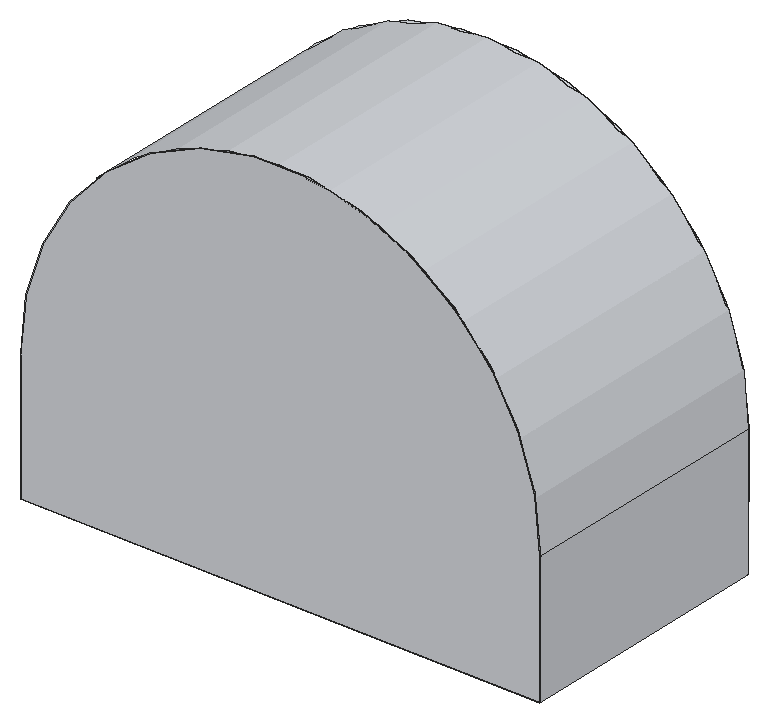
Revit family "FK062-20x10x15-Z", category Furniture Systems, Revit 2019
Family settings
  Round Connector Dimension = Use Diameter
  Part Type = Normal
  Work Plane-Based = No
  Always vertical = Yes
  Cut with Voids When Loaded = No
  Shared = No
  Room Calculation Point = No
Parameters (values of type "Fun Arch, 20L x 10W x 15H, Zippered")
  URL = "https://fomcore.com/"
  Side Fabric = none
  Model = "FK062-20x10x15-Z"
  Manufacturer = "FOMCORE"
  Description = "Lil Explorer - Arch"
  Center Fabric = none
Reference planes (in)
  plane 1 "Center F/B": y = 0
  plane 2: z = 0
  plane 3 "Center L/R": x = 0
  plane 4: z = 0
  plane 5: x = -10.49009
  plane 6: x = 9.50991
  plane 7: y = 5
  plane 8: y = -5
  plane 9: z = 14.97592
Forms (in)
  Sweep 1, solid, material <- "Center Fabric"
    path origin (0, 0, 0) x (1, 0, 0) y (0, 0, 1)
      loop
        line (-10, 0) -> (10, 0) -> (10, 5)
        arc (10, 5) -> (0, 15) -> (-10, 5) r 10
        line (-10, 5) -> (-10, 0)
    profile origin (-10, 0, 2.5) x (-1, 0, 0) y (0, -1, 0)
      loop
        line (0, 5) -> (-0.18235, 4.76761) -> (-0.18235, -4.31947) -> (0, -5) -> (0, 5)
  Blend 2, solid, material <- "Side Fabric"
    base sketch origin (0, 0, 0) x (1, 0, 0) y (0, 0, 1)
      loop
        line (-10, 5) -> (-10, 0) -> (10, 0) -> (10, 5)
        arc (10, 5) -> (0, 15) -> (-10, 5) r 10
    top sketch origin (0, 0, 0) x (1, 0, 0) y (0, 0, 1)
      loop
        line (-9.81765, 5) -> (-9.81765, 0.18235) -> (9.81765, 0.18235) -> (9.81765, 5)
        arc (9.81765, 5) -> (0, 14.81765) -> (-9.81765, 5) r 9.81765
    from 5 to 4.76761
  Blend 3, solid, material <- "Side Fabric"
    base sketch origin (0, 0, 0) x (1, 0, 0) y (0, 0, -1)
      loop
        arc (-10, -5) -> (0, -15) -> (10, -5) r 10
        line (10, -5) -> (10, 0) -> (-10, 0) -> (-10, -5)
    top sketch origin (0, 0, 0) x (1, 0, 0) y (0, 0, -1)
      loop
        arc (-9.81765, -5) -> (0, -14.81765) -> (9.81765, -5) r 9.81765
        line (9.81765, -5) -> (9.81765, -0.18235) -> (-9.81765, -0.18235) -> (-9.81765, -5)
    from 5 to 4.76761
Dimensions and locks (in)
  plane 7 to plane 8 = 0' - 10"
  plane 5 to plane 6 = 1' - 8"
  plane 9 to level = 1' - 2.97592"
  aligned and locked: level to plane 2
